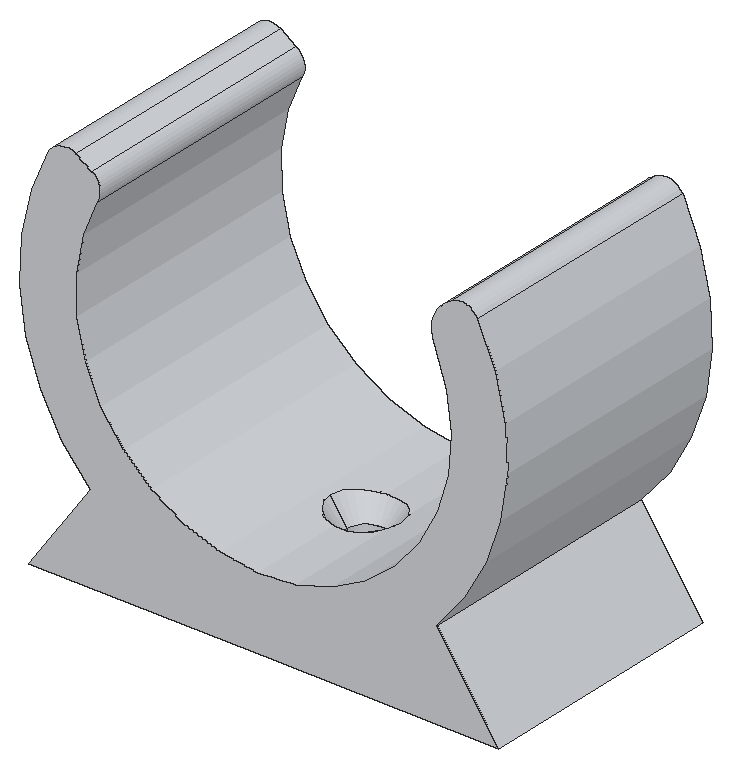
Revit family "PRSC20B", category Generic Models, Revit 2017
Family settings
  Can host rebar = No
  Round Connector Dimension = Use Diameter
  Part Type = Normal
  Work Plane-Based = Yes
  Always vertical = No
  Cut with Voids When Loaded = No
  Shared = No
  Room Calculation Point = No
Parameters (values of type "NBS Standard Parameters")
  Weight = "0.0075Kg"
  WarrantyStartDate [instance] = "1900-12-31T23:59:59"
  WarrantyGuarantorParts = "n/a"
  WarrantyGuarantorLabor = "n/a"
  WarrantyDurationUnit = "1 year"
  WarrantyDurationParts = "n/a"
  WarrantyDurationLabor = "n/a"
  WarrantyDescription = "n/a"
  Version = "1"
  Uniclass2 = "Pr_65_70_11_20"
  TagNumber [instance] = "n/a"
  SustainabilityPerformance = "n/a"
  Size = "20mm"
  Shape = "Circular"
  SerialNumber [instance] = "n/a"
  Revision = "n/a"
  ReplacementCost = "n/a"
  ProductInformation = "www.metpro.co.uk/pdf/prsc20w.pdf"
  NominalWidth = 13.5 mm
  NominalLength = 25 mm
  NominalHeight = 19.3 mm
  Name = ""
  NBSTypeID = ""
  NBSReference = "90-55-10/460"
  NBSOfficeMasterTag = ""
  NBSNote = ""
  NBSDescription = "Conduit Fittings"
  NBSCertification = ""
  ModelReference = "PRSC20B"
  ModelNumber = "n/a"
  Material = "PVC"
  ManufacturerURL = "www.metpro.co.uk"
  ManufacturerName = "Metpro Ltd"
  Keynote = "Manufactured to BS4607 Part 1"
  InstallationDate [instance] = "1900-12-31T23:59:59"
  IfcExportType = ""
  IfcExportAs = ""
  Grade = "n/a"
  Finish = "Black"
  Features = "n/a"
  ExpectedLife = "n/a"
  DurationUnit = "year"
  Description = "PRSC20B - 20mm Retaining Clip"
  Default Elevation = 1219.2 mm
  Constituents = "n/a"
  Color = "n/a"
  CodePerformance = "n/a"
  Category = "n/a"
  BarCode [instance] = "n/a"
  BIMObjectName = "Metpro_metprolibrary_conduitfittings_pvc component_accessory"
  Author = "Metpro Ltd"
  AssetType = ""
  AssetIdentifier [instance] = "n/a"
  AccessibilityPerformance = "n/a"
Reference planes
  plane 1 "Center (Front/Back)": y = 0
  plane 2: z = 0
  plane 3 "Center (Left/Right)": x = 0
Forms (mm)
  Extrusion 1, solid
    sketch origin (2.998, 10.496, 10.909) x (-1, 0, 0) y (0, 0, 1)
      loop
        arc (-0.794, -16.317) -> (2.866, -8.998) -> (1.428, -0.942) r 13
        arc (1.428, -0.942) -> (0.786, -0.443) -> (-0.016, -0.579) r 1.011
        line (-0.016, -0.579) -> (-0.845, -1.123)
        arc (-0.845, -1.123) -> (-1.265, -1.712) -> (-1.178, -2.43) r 1
        arc (-1.178, -2.43) -> (-9.687, -17.134) -> (-19.099, -2.99) r 10
        arc (-19.099, -2.99) -> (-19.049, -1.592) -> (-20.001, -0.567) r 1.83
        arc (-20.001, -0.567) -> (-20.791, -0.439) -> (-21.422, -0.93) r 1
        arc (-21.422, -0.93) -> (-22.867, -8.991) -> (-19.206, -16.317) r 13
        line (-19.206, -16.317) -> (-22.5, -21.021) -> (-10, -21.021) -> (2.5, -21.021) -> (-0.794, -16.317)
    from -6.8 to 6.8
  Revolve 2, void
    sketch origin (2.998, 10.496, 10.909) x (-1, 0, 0) y (0, 0, 1)
      loop
        line (-10, -16.743) -> (-10, -21.405) -> (-9.013, -21.405) -> (-9.013, -18.259) -> (-7.952, -16.743) -> (-10, -16.743)
      axis (-10, -16.743) -> (-10, -21.405)
    angle from 0 to 360
Cuts and joins
  Revolve 2 cuts Extrusion 1
Dimensions and locks
  aligned and locked: level to plane 2
